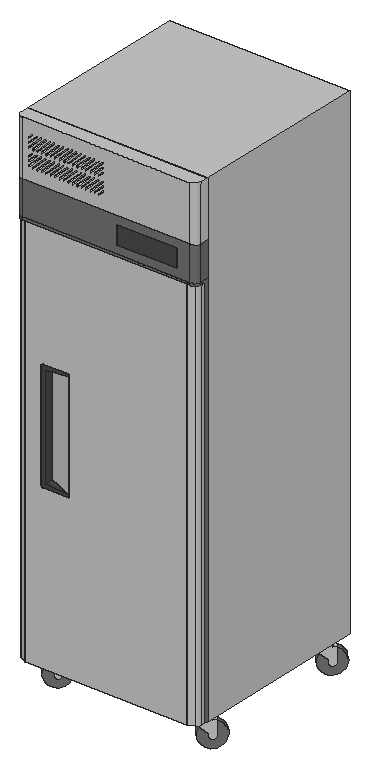
Revit family "QF_Turbo Air_M3F24-1a", category Specialty Equipment, Revit 2012
Parameters
  Width = 28 3/4"
  Weight in Pounds = 274
  Watermarked By = "http://revitwatermark.com"
  Volts = 115 V
  URL Cutsheet = ""
  URL = ""
  Status [instance] = ""
  Specification by User [instance] = ""
  Specification by Manufacturer [instance] = ""
  Serial Number [instance] = ""
  Right Hinge [instance] = not(Left Hinge)  # yes
  Revision Code [instance] = ""
  Phase = 1
  Number of Poles [instance] = 1
  NAFEM Spec ID Number [instance] = ""
  Model = "M3F24-1"
  Masterspec [instance] = ""
  Manufacturer = "Turbo Air"  # constant formula
  Legs [instance] = [6 Inch Legs]  # no
  Left Hinge [instance] = no
  Item Number [instance] = "-"
  Installed By [instance] = ""
  HP = "1/2"
  Furnished By [instance] = ""
  Foodservice Equipment Identifier = yes
  FL Amps = 7.8 A
  Electrical Remarks [instance] = ""
  Electric Connection Type [instance] = ""
  Elec Conn RI Height [instance] = 0"
  Elec Conn Connection Height = 77 7/8"
  Door Width = 26 7/8"
  Door Height = 63 1/4"
  Description = "Freezer, Reach-In"
  Depth = 30 3/4"
  Cycle = 60 Hz
  Conn Plug = "NEMA 5-15P"
  Casters [instance] = or([4 Inch Casters], [5 Inch Casters])  # yes
  CasterLeg Height [instance] = if([4 Inch Casters], 5", if([5 Inch Casters], 5 3/4", 6"))  # 5"
  Cabinet Height = 78"
  CSI MasterFormat = "11 41 13"
  Assembly Code = "E1090320"
  Apparent Power = if(Phase = 1, Volts * FL Amps * 1.73, Volts * FL Amps)  # 1551.81 VA
  6 Inch Legs [instance] = no
  5 Inch Casters [instance] = no
  4 Inch Casters [instance] = yes
Reference planes (in)
  plane 1 "BACK": y = 0
  plane 2 "BOTTOM": z = 0
  plane 3 "LEFT": x = -21.59155
  plane 4 "RIGHT": x = 7.15845
  plane 5 "FRONT": y = -30.75
  plane 6 "TOP": z = 83
  plane 7 "Bottom of Box": z = 5
  plane 8 "Back of Door": y = -28.5
  plane 9 "Bottom of Top Reach-In": z = 68.625
  plane 10: y = -0.25
  plane 11 "Top 2": z = 74.125
  plane 12: z = 68.25
  plane 13: y = -57.625
  plane 14: x = -16.84155
  plane 15: x = 2.40845
Forms (in)
  Extrusion 1, solid, material "QF_Finishes_Stainless Steel"
    sketch origin (0, 0, 0) x (1, 0, 0) y (0, 0, 1)
      loop
        circle (-17.71449, 70.8727) r 0.25
    from 0 to -0.25
  Extrusion 2, solid, material "QF_Finishes_Stainless Steel"
    sketch origin (0, 0, 0) x (1, 0, 0) y (0, 0, 1)
      loop
        line (-21.59155, 83) -> (-21.59155, 5) -> (7.15845, 5) -> (7.15845, 83) -> (-21.59155, 83)
      loop
        line (-19.59155, 7) -> (5.15845, 7) -> (5.15845, 81) -> (-19.59155, 81) -> (-19.59155, 7)
    from 0 to 28.5
  Extrusion 3, solid, material "QF_Finishes_Stainless Steel"
    sketch origin (0, 0, 0) x (1, 0, 0) y (0, 0, 1)
      loop
        line (-19.59155, 81) -> (-19.59155, 7) -> (5.15845, 7) -> (5.15845, 81) -> (-19.59155, 81)
    from 0 to 0.25
  Extrusion 4, solid, material "QF_Finishes_Stainless Steel"
    sketch origin (0, 0, 83) x (0, 1, 0) y (-1, 0, 0)
      loop
        line (-28.5, 21.59155) -> (-29.75, 21.59155)
        arc (-29.75, 21.59155) -> (-30.45711, 21.29865) -> (-30.75, 20.59155) r 1
        line (-30.75, 20.59155) -> (-30.75, -6.15845)
        arc (-30.75, -6.15845) -> (-30.45711, -6.86556) -> (-29.75, -7.15845) r 1
        line (-29.75, -7.15845) -> (-28.5, -7.15845) -> (-28.5, 21.59155)
    from 0 to -8.875
  Extrusion 5, solid, material "QF_Finishes_Grey"
    sketch origin (0, 0, 74.125) x (-1, 0, 0) y (0, -1, 0)
      loop
        line (21.59155, 28.5) -> (21.59155, 29.75)
        arc (21.59155, 29.75) -> (21.29865, 30.45711) -> (20.59155, 30.75) r 1
        line (20.59155, 30.75) -> (-6.15845, 30.75)
        arc (-6.15845, 30.75) -> (-6.86556, 30.45711) -> (-7.15845, 29.75) r 1
        line (-7.15845, 29.75) -> (-7.15845, 28.5) -> (21.59155, 28.5)
    from 0 to -5.5
  Extrusion 6, void
    sketch origin (0, -28.5, 0) x (1, 0, 0) y (0, 0, 1)
      loop
        line (-5.46655, 72.8125) -> (-5.46655, 69.9375) -> (4.03345, 69.9375) -> (4.03345, 72.8125) -> (-5.46655, 72.8125)
    from 0 to 2.25
  Extrusion 7, solid, material "QF_Finishes_Black"
    sketch origin (0, -28.5, 0) x (1, 0, 0) y (0, 0, 1)
      loop
        line (-5.46655, 72.8125) -> (-5.46655, 69.9375) -> (4.03345, 69.9375) -> (4.03345, 72.8125) -> (-5.46655, 72.8125)
    from 0 to 2.25
  Extrusion 8, void
    sketch origin (0, -28.5, 0) x (1, 0, 0) y (0, 0, 1)
      loop
        arc (-19.56048, 80.53107) -> (-19.55502, 80.35975) -> (-19.3837, 80.35429) r 0.12525
        line (-19.3837, 80.35429) -> (-18.94347, 80.79452)
        arc (-18.94347, 80.79452) -> (-18.95152, 80.96325) -> (-19.12025, 80.97129) r 0.12557
        line (-19.12025, 80.97129) -> (-19.56048, 80.53107)
      loop
        arc (-19.5641, 79.82034) -> (-19.55497, 79.65269) -> (-19.38733, 79.64356) r 0.12574
        line (-19.38733, 79.64356) -> (-18.24395, 80.78694)
        arc (-18.24395, 80.78694) -> (-18.24332, 80.9635) -> (-18.41988, 80.96456) r 0.125
        line (-18.41988, 80.96456) -> (-19.5641, 79.82034)
      loop
        arc (-19.56656, 79.11077) -> (-19.55579, 78.94476) -> (-19.38979, 78.93399) r 0.12606
        line (-19.38979, 78.93399) -> (-17.52426, 80.79952)
        arc (-17.52426, 80.79952) -> (-17.53336, 80.96719) -> (-17.70104, 80.97629) r 0.12574
        line (-17.70104, 80.97629) -> (-19.56656, 79.11077)
      loop
        arc (-18.96014, 79.01009) -> (-18.94768, 78.84576) -> (-18.78336, 78.83331) r 0.12644
        line (-18.78336, 78.83331) -> (-16.82198, 80.7947)
        arc (-16.82198, 80.7947) -> (-16.83187, 80.96158) -> (-16.99875, 80.97147) r 0.12588
        line (-16.99875, 80.97147) -> (-18.96014, 79.01009)
      loop
        arc (-18.25154, 79.01158) -> (-18.24759, 78.83875) -> (-18.07476, 78.83481) r 0.12513
        line (-18.07476, 78.83481) -> (-16.11561, 80.79395)
        arc (-16.11561, 80.79395) -> (-16.12836, 80.95798) -> (-16.29239, 80.97073) r 0.12652
        line (-16.29239, 80.97073) -> (-18.25154, 79.01158)
      loop
        arc (-17.54144, 79.01457) -> (-17.52997, 78.84927) -> (-17.36466, 78.83779) r 0.12621
        line (-17.36466, 78.83779) -> (-15.40203, 80.80043)
        arc (-15.40203, 80.80043) -> (-15.41616, 80.96308) -> (-15.57881, 80.97721) r 0.1269
        line (-15.57881, 80.97721) -> (-17.54144, 79.01457)
      loop
        arc (-16.83033, 79.01858) -> (-16.8182, 78.8418) -> (-16.64143, 78.85392) r 0.12529
        line (-16.64143, 78.85392) -> (-14.69617, 80.79919)
        arc (-14.69617, 80.79919) -> (-14.7091, 80.96303) -> (-14.87294, 80.97596) r 0.12657
        line (-14.87294, 80.97596) -> (-16.83033, 79.01858)
      loop
        arc (-16.12322, 79.01858) -> (-16.11737, 78.84766) -> (-15.94644, 78.8418) r 0.12529
        line (-15.94644, 78.8418) -> (-13.98906, 80.79919)
        arc (-13.98906, 80.79919) -> (-14.00199, 80.96303) -> (-14.16584, 80.97596) r 0.12657
        line (-14.16584, 80.97596) -> (-16.12322, 79.01858)
      loop
        arc (-15.41611, 79.01858) -> (-15.41026, 78.84766) -> (-15.23934, 78.8418) r 0.12529
        line (-15.23934, 78.8418) -> (-13.28195, 80.79919)
        arc (-13.28195, 80.79919) -> (-13.29489, 80.96303) -> (-13.45873, 80.97596) r 0.12657
        line (-13.45873, 80.97596) -> (-15.41611, 79.01858)
      loop
        arc (-14.70901, 79.01858) -> (-14.70315, 78.84766) -> (-14.53223, 78.8418) r 0.12529
        line (-14.53223, 78.8418) -> (-12.57484, 80.79919)
        arc (-12.57484, 80.79919) -> (-12.58778, 80.96303) -> (-12.75162, 80.97596) r 0.12657
        line (-12.75162, 80.97596) -> (-14.70901, 79.01858)
      loop
        arc (-14.0019, 79.01858) -> (-13.99605, 78.84766) -> (-13.82512, 78.8418) r 0.12529
        line (-13.82512, 78.8418) -> (-11.86774, 80.79919)
        arc (-11.86774, 80.79919) -> (-11.88067, 80.96303) -> (-12.04451, 80.97596) r 0.12657
        line (-12.04451, 80.97596) -> (-14.0019, 79.01858)
      loop
        arc (-13.29479, 79.01858) -> (-13.28894, 78.84766) -> (-13.11801, 78.8418) r 0.12529
        line (-13.11801, 78.8418) -> (-11.16063, 80.79919)
        arc (-11.16063, 80.79919) -> (-11.17357, 80.96303) -> (-11.33741, 80.97596) r 0.12657
        line (-11.33741, 80.97596) -> (-13.29479, 79.01858)
      loop
        arc (-12.58768, 79.01858) -> (-12.58183, 78.84766) -> (-12.41091, 78.8418) r 0.12529
        line (-12.41091, 78.8418) -> (-10.45352, 80.79919)
        arc (-10.45352, 80.79919) -> (-10.46646, 80.96303) -> (-10.6303, 80.97596) r 0.12657
        line (-10.6303, 80.97596) -> (-12.58768, 79.01858)
      loop
        arc (-11.88058, 79.01858) -> (-11.87472, 78.84766) -> (-11.7038, 78.8418) r 0.12529
        line (-11.7038, 78.8418) -> (-9.74642, 80.79919)
        arc (-9.74642, 80.79919) -> (-9.75935, 80.96303) -> (-9.92319, 80.97596) r 0.12657
        line (-9.92319, 80.97596) -> (-11.88058, 79.01858)
      loop
        arc (-11.17347, 79.01858) -> (-11.16762, 78.84766) -> (-10.99669, 78.8418) r 0.12529
        line (-10.99669, 78.8418) -> (-9.03931, 80.79919)
        arc (-9.03931, 80.79919) -> (-9.05225, 80.96303) -> (-9.21609, 80.97596) r 0.12657
        line (-9.21609, 80.97596) -> (-11.17347, 79.01858)
      loop
        arc (-10.46636, 79.01858) -> (-10.46051, 78.84766) -> (-10.28959, 78.8418) r 0.12529
        line (-10.28959, 78.8418) -> (-8.3322, 80.79919)
        arc (-8.3322, 80.79919) -> (-8.34514, 80.96303) -> (-8.50898, 80.97596) r 0.12657
        line (-8.50898, 80.97596) -> (-10.46636, 79.01858)
      loop
        arc (-9.75926, 79.01858) -> (-9.7534, 78.84766) -> (-9.58248, 78.8418) r 0.12529
        line (-9.58248, 78.8418) -> (-7.6251, 80.79919)
        arc (-7.6251, 80.79919) -> (-7.63803, 80.96303) -> (-7.80187, 80.97596) r 0.12657
        line (-7.80187, 80.97596) -> (-9.75926, 79.01858)
      loop
        arc (-9.05574, 79.01499) -> (-9.04529, 78.84867) -> (-8.87896, 78.83822) r 0.12599
        line (-8.87896, 78.83822) -> (-7.61765, 80.09953)
        arc (-7.61765, 80.09953) -> (-7.62642, 80.26754) -> (-7.79442, 80.27631) r 0.12568
        line (-7.79442, 80.27631) -> (-9.05574, 79.01499)
      loop
        arc (-8.34863, 79.01499) -> (-8.33818, 78.84867) -> (-8.17185, 78.83822) r 0.12599
        line (-8.17185, 78.83822) -> (-7.61765, 79.39242)
        arc (-7.61765, 79.39242) -> (-7.62642, 79.56043) -> (-7.79442, 79.5692) r 0.12568
        line (-7.79442, 79.5692) -> (-8.34863, 79.01499)
      loop
        arc (-19.56048, 77.84357) -> (-19.55502, 77.67225) -> (-19.3837, 77.66679) r 0.12525
        line (-19.3837, 77.66679) -> (-18.94347, 78.10702)
        arc (-18.94347, 78.10702) -> (-18.95152, 78.27575) -> (-19.12025, 78.28379) r 0.12557
        line (-19.12025, 78.28379) -> (-19.56048, 77.84357)
      loop
        arc (-19.5641, 77.13284) -> (-19.55497, 76.96519) -> (-19.38733, 76.95606) r 0.12574
        line (-19.38733, 76.95606) -> (-18.24395, 78.09944)
        arc (-18.24395, 78.09944) -> (-18.24332, 78.276) -> (-18.41988, 78.27706) r 0.125
        line (-18.41988, 78.27706) -> (-19.5641, 77.13284)
      loop
        arc (-19.56656, 76.42327) -> (-19.55579, 76.25726) -> (-19.38979, 76.24649) r 0.12606
        line (-19.38979, 76.24649) -> (-17.52426, 78.11202)
        arc (-17.52426, 78.11202) -> (-17.53336, 78.27969) -> (-17.70104, 78.28879) r 0.12574
        line (-17.70104, 78.28879) -> (-19.56656, 76.42327)
      loop
        arc (-18.96014, 76.32259) -> (-18.94768, 76.15826) -> (-18.78336, 76.14581) r 0.12644
        line (-18.78336, 76.14581) -> (-16.82198, 78.1072)
        arc (-16.82198, 78.1072) -> (-16.83187, 78.27408) -> (-16.99875, 78.28397) r 0.12588
        line (-16.99875, 78.28397) -> (-18.96014, 76.32259)
      loop
        arc (-18.25154, 76.32408) -> (-18.24759, 76.15125) -> (-18.07476, 76.14731) r 0.12513
        line (-18.07476, 76.14731) -> (-16.11561, 78.10645)
        arc (-16.11561, 78.10645) -> (-16.12836, 78.27048) -> (-16.29239, 78.28323) r 0.12652
        line (-16.29239, 78.28323) -> (-18.25154, 76.32408)
      loop
        arc (-17.54144, 76.32707) -> (-17.52997, 76.16177) -> (-17.36466, 76.15029) r 0.12621
        line (-17.36466, 76.15029) -> (-15.40203, 78.11293)
        arc (-15.40203, 78.11293) -> (-15.41616, 78.27558) -> (-15.57881, 78.28971) r 0.1269
        line (-15.57881, 78.28971) -> (-17.54144, 76.32707)
      loop
        arc (-16.83033, 76.33108) -> (-16.8182, 76.1543) -> (-16.64143, 76.16642) r 0.12529
        line (-16.64143, 76.16642) -> (-14.69617, 78.11169)
        arc (-14.69617, 78.11169) -> (-14.7091, 78.27553) -> (-14.87294, 78.28846) r 0.12657
        line (-14.87294, 78.28846) -> (-16.83033, 76.33108)
      loop
        arc (-16.12322, 76.33108) -> (-16.11737, 76.16016) -> (-15.94644, 76.1543) r 0.12529
        line (-15.94644, 76.1543) -> (-13.98906, 78.11169)
        arc (-13.98906, 78.11169) -> (-14.00199, 78.27553) -> (-14.16584, 78.28846) r 0.12657
        line (-14.16584, 78.28846) -> (-16.12322, 76.33108)
      loop
        arc (-15.41611, 76.33108) -> (-15.41026, 76.16016) -> (-15.23934, 76.1543) r 0.12529
        line (-15.23934, 76.1543) -> (-13.28195, 78.11169)
        arc (-13.28195, 78.11169) -> (-13.29489, 78.27553) -> (-13.45873, 78.28846) r 0.12657
        line (-13.45873, 78.28846) -> (-15.41611, 76.33108)
      loop
        arc (-14.70901, 76.33108) -> (-14.70315, 76.16016) -> (-14.53223, 76.1543) r 0.12529
        line (-14.53223, 76.1543) -> (-12.57484, 78.11169)
        arc (-12.57484, 78.11169) -> (-12.58778, 78.27553) -> (-12.75162, 78.28846) r 0.12657
        line (-12.75162, 78.28846) -> (-14.70901, 76.33108)
      loop
        arc (-14.0019, 76.33108) -> (-13.99605, 76.16016) -> (-13.82512, 76.1543) r 0.12529
        line (-13.82512, 76.1543) -> (-11.86774, 78.11169)
        arc (-11.86774, 78.11169) -> (-11.88067, 78.27553) -> (-12.04451, 78.28846) r 0.12657
        line (-12.04451, 78.28846) -> (-14.0019, 76.33108)
      loop
        arc (-13.29479, 76.33108) -> (-13.28894, 76.16016) -> (-13.11801, 76.1543) r 0.12529
        line (-13.11801, 76.1543) -> (-11.16063, 78.11169)
        arc (-11.16063, 78.11169) -> (-11.17357, 78.27553) -> (-11.33741, 78.28846) r 0.12657
        line (-11.33741, 78.28846) -> (-13.29479, 76.33108)
      loop
        arc (-12.58768, 76.33108) -> (-12.58183, 76.16016) -> (-12.41091, 76.1543) r 0.12529
        line (-12.41091, 76.1543) -> (-10.45352, 78.11169)
        arc (-10.45352, 78.11169) -> (-10.46646, 78.27553) -> (-10.6303, 78.28846) r 0.12657
        line (-10.6303, 78.28846) -> (-12.58768, 76.33108)
      loop
        arc (-11.88058, 76.33108) -> (-11.87472, 76.16016) -> (-11.7038, 76.1543) r 0.12529
        line (-11.7038, 76.1543) -> (-9.74642, 78.11169)
        arc (-9.74642, 78.11169) -> (-9.75935, 78.27553) -> (-9.92319, 78.28846) r 0.12657
        line (-9.92319, 78.28846) -> (-11.88058, 76.33108)
      loop
        arc (-11.17347, 76.33108) -> (-11.16762, 76.16016) -> (-10.99669, 76.1543) r 0.12529
        line (-10.99669, 76.1543) -> (-9.03931, 78.11169)
        arc (-9.03931, 78.11169) -> (-9.05225, 78.27553) -> (-9.21609, 78.28846) r 0.12657
        line (-9.21609, 78.28846) -> (-11.17347, 76.33108)
      loop
        arc (-10.46636, 76.33108) -> (-10.46051, 76.16016) -> (-10.28959, 76.1543) r 0.12529
        line (-10.28959, 76.1543) -> (-8.3322, 78.11169)
        arc (-8.3322, 78.11169) -> (-8.34514, 78.27553) -> (-8.50898, 78.28846) r 0.12657
        line (-8.50898, 78.28846) -> (-10.46636, 76.33108)
      loop
        arc (-9.75926, 76.33108) -> (-9.7534, 76.16016) -> (-9.58248, 76.1543) r 0.12529
        line (-9.58248, 76.1543) -> (-7.6251, 78.11169)
        arc (-7.6251, 78.11169) -> (-7.63803, 78.27553) -> (-7.80187, 78.28846) r 0.12657
        line (-7.80187, 78.28846) -> (-9.75926, 76.33108)
      loop
        arc (-9.05574, 76.32749) -> (-9.04529, 76.16117) -> (-8.87896, 76.15072) r 0.12599
        line (-8.87896, 76.15072) -> (-7.61765, 77.41203)
        arc (-7.61765, 77.41203) -> (-7.62642, 77.58004) -> (-7.79442, 77.58881) r 0.12568
        line (-7.79442, 77.58881) -> (-9.05574, 76.32749)
      loop
        arc (-8.34863, 76.32749) -> (-8.33818, 76.16117) -> (-8.17185, 76.15072) r 0.12599
        line (-8.17185, 76.15072) -> (-7.61765, 76.70492)
        arc (-7.61765, 76.70492) -> (-7.62642, 76.87293) -> (-7.79442, 76.8817) r 0.12568
        line (-7.79442, 76.8817) -> (-8.34863, 76.32749)
    from 0 to 2.25
  Extrusion 9, solid, material "QF_Finishes_Rubber Black"
    sketch origin (0, -28.5, 0) x (1, 0, 0) y (0, 0, 1)
      loop
        line (-21.59155, 68.25) -> (-21.59155, 5) -> (7.15845, 5) -> (7.15845, 68.25) -> (-21.59155, 68.25)
    from 0 to 0.4375
  Extrusion 10, solid, material "QF_Finishes_Rubber Black"
    sketch origin (0, 0, 68.625) x (0, 1, 0) y (-1, 0, 0)
      loop
        line (-28.5, 21.59155) -> (-29.75, 21.59155)
        arc (-29.75, 21.59155) -> (-30.45711, 21.29865) -> (-30.75, 20.59155) r 1
        line (-30.75, 20.59155) -> (-30.75, -6.15845)
        arc (-30.75, -6.15845) -> (-30.45711, -6.86556) -> (-29.75, -7.15845) r 1
        line (-29.75, -7.15845) -> (-28.5, -7.15845) -> (-28.5, 21.59155)
    from 0 to -0.375
  Extrusion 11, solid, material "QF_Finishes_Polished Steel"
    sketch origin (-19.84155, -0.75, 0) x (0, 1, 0) y (0, 0, 1)
      loop
        line (0.75, 69.98017) -> (0.75, 53.73017) -> (2.75, 55.48017) -> (2.75, 68.23017) -> (0.75, 69.98017)
    from 3 to 22.25
Cuts and joins
  joined: Extrusion 2, Extrusion 3
  Extrusion 6 cuts Extrusion 5
  Extrusion 8 cuts Extrusion 4
  joined: Extrusion 9, Extrusion 10
Lines and regions (in)
  symbolic lines
    curve 1: line (7.15845, 0, 6.25) -> (-21.59155, 0, 6.25)
    curve 2: line (-21.59155, 0, 6.25) -> (-21.59155, -28.5, 6.25)
    curve 3: line (7.15845, -28.5, 6.25) -> (7.15845, 0, 6.25)
    curve 4: line (7.15845, -29.75, 6.25) -> (7.15845, -28.5, 6.25)
    curve 5: arc (7.15845, -29.75, 6.25) -> (6.86556, -30.45711, 6.25) -> (6.15845, -30.75, 6.25) r 1
    curve 6: line (-20.59155, -30.75, 6.25) -> (6.15845, -30.75, 6.25)
    curve 7: arc (-20.59155, -30.75, 6.25) -> (-21.29865, -30.45711, 6.25) -> (-21.59155, -29.75, 6.25) r 1
    curve 8: line (-21.59155, -28.5, 6.25) -> (-21.59155, -29.75, 6.25)
    curve 15: line (-16.84155, 0, 62.75) -> (-16.84155, 2, 62.75)
    curve 16: line (-16.84155, 2, 62.75) -> (2.40845, 2, 62.75)
    curve 17: line (2.40845, 2, 62.75) -> (2.40845, 0, 62.75)
  symbolic lines, style "QF_Surface Details"
    curve 9: line (-21.59155, -28.5, 6.25) -> (7.15845, -28.5, 6.25)
  symbolic lines, style "QF_Clearances", visible <- "Right Hinge", detail levels coarse
    curve 10: line (7.15845, -30.75, 68.625) -> (7.15845, -57.625, 68.625)
    curve 12: arc (7.15845, -57.625, 68.625) -> (-12.10228, -49.4141, 68.625) -> (-21.59155, -30.75, 68.625) r 30.63743
  symbolic lines, style "QF_Clearances", detail levels medium+fine
    curve 11: line (7.15845, -30.75, 68.625) -> (-21.59155, -30.75, 68.625)
  symbolic lines, style "QF_Clearances", visible <- "Left Hinge", detail levels coarse
    curve 13: line (-21.59155, -30.75, 68.625) -> (-21.59155, -57.625, 68.625)
    curve 14: arc (-21.59155, -57.625, 68.625) -> (-2.33081, -49.4141, 68.625) -> (7.15845, -30.75, 68.625) r 30.63743
Dimensions and locks (in)
  "Width": plane 4 "RIGHT" to plane 3 "LEFT"
  "Depth": plane 5 "FRONT" to plane 1 "BACK"
  "CasterLeg Height": plane 7 "Bottom of Box" to level
  locked: plane 3 "LEFT" to nested 1 at 2
  locked: nested 1 to plane 1 "BACK" at 3
  locked: nested 2 to plane 4 "RIGHT" at 2
  locked: nested 2 to plane 1 "BACK" at 3
  locked: plane 3 "LEFT" to nested 3 at 2
  locked: nested 4 to plane 4 "RIGHT" at 2
  "Cabinet Height": plane 6 "TOP" to plane 7 "Bottom of Box"
  locked: Extrusion 2 sketch curve to Extrusion 2 sketch curve at 2  (x4)
  locked: plane 5 "FRONT" to nested 3 at 3.75
  locked: plane 5 "FRONT" to nested 4 at 3.75
  locked: Extrusion 6 sketch curve to plane 4 "RIGHT" at 3.125
  locked: Extrusion 6 sketch curve to Extrusion 6 sketch curve at 9.5
  locked: Extrusion 7 sketch curve to plane 4 "RIGHT" at 3.125
  locked: Extrusion 7 sketch curve to Extrusion 7 sketch curve at 9.5
  locked: plane 11 "Top 2" to Extrusion 7 sketch curve at 1.3125
  locked: Extrusion 7 sketch curve to plane 9 "Bottom of Top Reach-In" at 1.3125
  locked: plane 11 "Top 2" to Extrusion 6 sketch curve at 1.3125
  locked: Extrusion 6 sketch curve to plane 9 "Bottom of Top Reach-In" at 1.3125
  locked: plane 6 "TOP" to plane 11 "Top 2" at 8.875
  locked: plane 9 "Bottom of Top Reach-In" to plane 12 at 0.375
  "Door Height": plane 12 to plane 7 "Bottom of Box"
  "Door Width": plane 13 to plane 5 "FRONT"
  locked: plane 5 "FRONT" to plane 8 "Back of Door" at 2.25
  locked: plane 10 to plane 1 "BACK" at 0.25
  locked: plane 3 "LEFT" to plane 14 at 4.75
  locked: plane 15 to plane 4 "RIGHT" at 4.75
  aligned and locked: level to plane 2 "BOTTOM"
  aligned and locked: Extrusion 2 sketch curve to plane 4 "RIGHT"
  aligned and locked: plane 10 to Extrusion 3
  aligned and locked: plane 8 "Back of Door" to Extrusion 2
  aligned and locked: Extrusion 3 sketch curve to Extrusion 2  (x2)
  aligned and locked: Extrusion 2 to Extrusion 3 sketch curve
  aligned and locked: Extrusion 4 sketch curve to curve 9
  aligned and locked: Extrusion 4 sketch curve to curve 2
  aligned and locked: Extrusion 4 sketch curve to plane 5 "FRONT"
  aligned and locked: Extrusion 4 sketch curve to plane 4 "RIGHT"
  aligned and locked: Extrusion 5 sketch curve to curve 9
  aligned and locked: Extrusion 5 sketch curve to curve 2
  aligned and locked: Extrusion 5 sketch curve to plane 5 "FRONT"
  aligned and locked: Extrusion 5 sketch curve to plane 4 "RIGHT"
  aligned and locked: Extrusion 5 to plane 9 "Bottom of Top Reach-In"
  aligned and locked: plane 5 "FRONT" to Extrusion 6
  aligned and locked: plane 5 "FRONT" to Extrusion 7
  aligned and locked: plane 7 "Bottom of Box" to Extrusion 2 sketch curve
  aligned and locked: Extrusion 3 sketch curve to cut or joined group of Extrusion 2, Extrusion 3
  aligned and locked: Extrusion 4 to plane 11 "Top 2"
  aligned and locked: plane 5 "FRONT" to Extrusion 8
  aligned and locked: nested 5 to plane 7 "Bottom of Box"
  aligned and locked: Extrusion 9 sketch curve to nested 5
  aligned and locked: Extrusion 9 sketch curve to cut or joined group of Extrusion 2, Extrusion 3
  aligned and locked: Extrusion 9 sketch curve to plane 12
  aligned and locked: Extrusion 10 sketch curve to curve 9
  aligned and locked: Extrusion 10 sketch curve to curve 2
  aligned and locked: Extrusion 10 sketch curve to nested 5  (x2)
  aligned and locked: Extrusion 10 to plane 12
  aligned and locked: plane 5 "FRONT" to nested 5  (x2)
  aligned and locked: Extrusion 9 to nested 5
  aligned and locked: curve 10 to plane 4 "RIGHT"
  aligned and locked: plane 7 "Bottom of Box" to nested 6
  aligned and locked: nested 6 to plane 12
  aligned and locked: plane 4 "RIGHT" to nested 6
  aligned and locked: plane 3 "LEFT" to nested 5
  aligned and locked: plane 13 to curve 14
  aligned and locked: plane 13 to curve 12
Automatic sketch dimensions
  Extrusion 2 sketch curve to plane 3 "LEFT" = 0"
  Extrusion 2 sketch curve to plane 6 "TOP" = 0"
  plane 5 "FRONT" to curve 7 = 0"
  curve 8 to plane 3 "LEFT" = 0"
  curve 4 to plane 4 "RIGHT" = 0"
  plane 8 "Back of Door" to curve 8 = 0"
  plane 1 "BACK" to curve 2 = 0"
  plane 3 "LEFT" to curve 7 = 1"
  curve 4 to plane 5 "FRONT" = 1"
  plane 3 "LEFT" to Extrusion 1 sketch curve = 3.87706"
  plane 9 "Bottom of Top Reach-In" to Extrusion 1 sketch curve = 2.2477"
  Extrusion 4 sketch curve to plane 5 "FRONT" = 1"  (x2)
  Extrusion 5 sketch curve to plane 4 "RIGHT" = 1"
  plane 3 "LEFT" to Extrusion 5 sketch curve = 1"
  plane 3 "LEFT" to Extrusion 8 sketch curve = 2.02498"  (x2)
  Extrusion 8 sketch curve to Extrusion 8 sketch curve = 0.00246"  (x2)
  Extrusion 8 sketch curve to Extrusion 8 sketch curve = 0.00362"  (x2)
  Extrusion 8 sketch curve to Extrusion 8 sketch curve = 0.0999"  (x4)
  Extrusion 8 sketch curve to Extrusion 8 sketch curve = 0.09403"  (x4)
  Extrusion 8 sketch curve to Extrusion 8 sketch curve = 0.09804"  (x4)
  Extrusion 8 sketch curve to Extrusion 8 sketch curve = 0.07687"  (x2)
  Extrusion 8 sketch curve to Extrusion 8 sketch curve = 0.07873"  (x2)
  Extrusion 8 sketch curve to Extrusion 8 sketch curve = 0.08275"  (x2)
  Extrusion 8 sketch curve to Extrusion 8 sketch curve = 0.44023"  (x4)
  Extrusion 8 sketch curve to Extrusion 8 sketch curve = 0.07994"  (x4)
  Extrusion 8 sketch curve to Extrusion 8 sketch curve = 0.42965"  (x2)
  Extrusion 8 sketch curve to Extrusion 8 sketch curve = 0.09684"  (x2)
  Extrusion 8 sketch curve to Extrusion 8 sketch curve = 0.10186"  (x4)
  Extrusion 8 sketch curve to Extrusion 8 sketch curve = 0.07491"  (x2)
  Extrusion 8 sketch curve to Extrusion 8 sketch curve = 0.5236"  (x2)
  Extrusion 8 sketch curve to Extrusion 8 sketch curve = 0.08775"  (x2)
  Extrusion 8 sketch curve to Extrusion 8 sketch curve = 0.53182"  (x2)
  Extrusion 8 sketch curve to Extrusion 8 sketch curve = 0.08818"  (x2)
  Extrusion 8 sketch curve to Extrusion 8 sketch curve = 0.09243"  (x4)
  plane 11 "Top 2" to Extrusion 8 sketch curve = 2.02231"
  Extrusion 8 sketch curve to Extrusion 8 sketch curve = 0.08435"  (x2)
  Extrusion 8 sketch curve to Extrusion 8 sketch curve = 0.54291"  (x2)
  Extrusion 8 sketch curve to Extrusion 8 sketch curve = 0.07876"  (x4)
  Extrusion 8 sketch curve to Extrusion 8 sketch curve = 0.53332"  (x2)
  Extrusion 8 sketch curve to Extrusion 8 sketch curve = 0.09801"  (x2)
  Extrusion 8 sketch curve to plane 6 "TOP" = 2.20048"
  Extrusion 8 sketch curve to Extrusion 8 sketch curve = 0.10072"  (x4)
  plane 11 "Top 2" to Extrusion 8 sketch curve = 2.02529"
  Extrusion 8 sketch curve to Extrusion 8 sketch curve = 0.07606"  (x2)
  Extrusion 8 sketch curve to Extrusion 8 sketch curve = 0.52551"  (x2)
  Extrusion 8 sketch curve to Extrusion 8 sketch curve = 0.07787"  (x4)
  Extrusion 8 sketch curve to Extrusion 8 sketch curve = 0.53434"  (x2)
  plane 11 "Top 2" to Extrusion 8 sketch curve = 2.20608"  (x5)
  Extrusion 8 sketch curve to Extrusion 8 sketch curve = 0.09891"  (x2)
  Extrusion 8 sketch curve to Extrusion 8 sketch curve = 0.09445"  (x36)
  plane 11 "Top 2" to Extrusion 8 sketch curve = 2.04142"
  Extrusion 8 sketch curve to Extrusion 8 sketch curve = 0.52958"  (x2)
  Extrusion 8 sketch curve to plane 6 "TOP" = 2.02927"
  Extrusion 8 sketch curve to Extrusion 8 sketch curve = 0.07457"  (x3)
  Extrusion 8 sketch curve to Extrusion 8 sketch curve = 0.51821"  (x2)
  Extrusion 8 sketch curve to plane 6 "TOP" = 2.20605"
  Extrusion 8 sketch curve to Extrusion 8 sketch curve = 0.10221"  (x2)
  plane 11 "Top 2" to Extrusion 8 sketch curve = 2.0293"  (x6)
  Extrusion 8 sketch curve to Extrusion 8 sketch curve = 0.08233"  (x21)
  Extrusion 8 sketch curve to Extrusion 8 sketch curve = 0.53681"  (x2)
  Extrusion 8 sketch curve to plane 6 "TOP" = 2.02279"
  Extrusion 8 sketch curve to Extrusion 8 sketch curve = 0.07291"  (x3)
  Extrusion 8 sketch curve to Extrusion 8 sketch curve = 0.53033"  (x40)
  Extrusion 8 sketch curve to Extrusion 8 sketch curve = 0.10386"  (x2)
  plane 11 "Top 2" to Extrusion 8 sketch curve = 3.98793"
  Extrusion 8 sketch curve to plane 6 "TOP" = 4.1582"  (x7)
  Extrusion 8 sketch curve to Extrusion 8 sketch curve = 0.52909"  (x2)
  Extrusion 8 sketch curve to Extrusion 8 sketch curve = 0.07434"  (x38)
  Extrusion 8 sketch curve to plane 6 "TOP" = 2.20081"  (x6)
  Extrusion 8 sketch curve to Extrusion 8 sketch curve = 0.10243"  (x22)
  Extrusion 8 sketch curve to plane 6 "TOP" = 2.02404"  (x4)
  Extrusion 8 sketch curve to plane 6 "TOP" = 3.98142"  (x4)
  plane 11 "Top 2" to Extrusion 8 sketch curve = 3.98669"  (x5)
  plane 11 "Top 2" to Extrusion 8 sketch curve = 4.16346"  (x2)
  Extrusion 8 sketch curve to plane 6 "TOP" = 3.98501"  (x2)
  Extrusion 8 sketch curve to Extrusion 8 sketch curve = 0.52674"  (x2)
  plane 11 "Top 2" to Extrusion 8 sketch curve = 2.20249"  (x2)
  Extrusion 8 sketch curve to Extrusion 8 sketch curve = 0.09954"  (x4)
  Extrusion 8 sketch curve to Extrusion 8 sketch curve = 0.07724"  (x4)
  Extrusion 8 sketch curve to Extrusion 8 sketch curve = 0.00745"  (x2)
  plane 11 "Top 2" to Extrusion 8 sketch curve = 3.46381"
  Extrusion 8 sketch curve to Extrusion 8 sketch curve = 0"  (x9)
  Extrusion 8 sketch curve to Extrusion 8 sketch curve = 0.07914"  (x7)
  Extrusion 8 sketch curve to Extrusion 8 sketch curve = 25/256"  (x4)
  plane 11 "Top 2" to Extrusion 8 sketch curve = 3.28703"
  plane 11 "Top 2" to Extrusion 8 sketch curve = 2.57992"
  Extrusion 8 sketch curve to plane 6 "TOP" = 2.90047"
  Extrusion 8 sketch curve to Extrusion 8 sketch curve = 0.00149"
  Extrusion 8 sketch curve to Extrusion 8 sketch curve = 0.17678"  (x13)
  Extrusion 8 sketch curve to Extrusion 8 sketch curve = 0.10068"  (x2)
  Extrusion 8 sketch curve to Extrusion 8 sketch curve = 0.53279"  (x2)
  Extrusion 8 sketch curve to Extrusion 8 sketch curve = 0.53395"  (x2)
  Extrusion 8 sketch curve to Extrusion 8 sketch curve = 0.43265"
  Extrusion 8 sketch curve to Extrusion 8 sketch curve = 0.00648"
  Extrusion 8 sketch curve to Extrusion 8 sketch curve = 0.00075"
  Extrusion 8 sketch curve to Extrusion 8 sketch curve = 0.52288"
  Extrusion 8 sketch curve to Extrusion 8 sketch curve = 0.00124"
  Extrusion 8 sketch curve to Extrusion 8 sketch curve = 0.00482"
  Extrusion 8 sketch curve to Extrusion 8 sketch curve = 0.0886"  (x2)
  Extrusion 8 sketch curve to Extrusion 8 sketch curve = 0.54952"
  Extrusion 8 sketch curve to Extrusion 8 sketch curve = 0.55775"
  Extrusion 8 sketch curve to Extrusion 8 sketch curve = 0.549"
  Extrusion 8 sketch curve to Extrusion 8 sketch curve = 143/256"
  Extrusion 8 sketch curve to Extrusion 8 sketch curve = 0.5707"
  Extrusion 8 sketch curve to Extrusion 8 sketch curve = 0.70711"
  Extrusion 8 sketch curve to Extrusion 8 sketch curve = 0.01258"
  Extrusion 8 sketch curve to Extrusion 8 sketch curve = 0.17603"
  Extrusion 9 sketch curve to plane 7 "Bottom of Box" = 0"
  Extrusion 10 sketch curve to plane 5 "FRONT" = 1"  (x2)
  curve 14 to plane 3 "LEFT" = 0"
  plane 5 "FRONT" to curve 11 = 0"
  curve 12 to plane 8 "Back of Door" = 1.46737"
  curve 14 to plane 8 "Back of Door" = 1.46737"
  plane 1 "BACK" to curve 17 = 0"
  plane 1 "BACK" to curve 15 = 0"
  curve 16 to plane 15 = 0"
  curve 16 to plane 14 = 0"
  curve 16 to plane 1 "BACK" = 2"
  Extrusion 11 sketch curve to plane 1 "BACK" = 0"
  Extrusion 11 sketch curve to plane 1 "BACK" = 2"
  Extrusion 11 sketch curve to plane 12 = 14.51983"
  Extrusion 11 sketch curve to Extrusion 11 sketch curve = 1 3/4"
  Extrusion 11 sketch curve to plane 12 = 0.01983"
  plane 9 "Bottom of Top Reach-In" to Extrusion 11 sketch curve = 1.35517"
  radius of Extrusion 1 sketch curve = 1/4"
Nested families (in)
  nested 1: "FESCasterLeg" at (-19.59155, -3, 0), Height <- "CasterLeg Height", Legs <- "Legs", Casters <- "Casters", type "FESCasterLeg"
    with Legs no, Height 5", Casters yes, Caster Radius 2"
  nested 2: "FESCasterLeg" at (5.15845, -3, 0), Height <- "CasterLeg Height", Legs <- "Legs", Casters <- "Casters", type "FESCasterLeg"
    with Legs no, Height 5", Casters yes, Caster Radius 2"
  nested 3: "FESCasterLeg" at (-19.59155, -27, 0), Height <- "CasterLeg Height", Legs <- "Legs", Casters <- "Casters", type "FESCasterLeg"
    with Legs no, Height 5", Casters yes, Caster Radius 2"
  nested 4: "FESCasterLeg" at (5.15845, -27, 0), Height <- "CasterLeg Height", Legs <- "Legs", Casters <- "Casters", type "FESCasterLeg"
    with Legs no, Height 5", Casters yes, Caster Radius 2"
  nested 5: "QF_Turbo Air_RI_M3-Door" at (-6.41488, -28.9375, 5), Width <- "Width", Height <- "Door Height", visible <- "Right Hinge", type "QF_Turbo Air_RI_M3-Door"
    with Width 28 3/4", Symbolic Lines yes, Height 63 1/4", Handle Height 17 11/16", Handle Center Height 34 13/16", Depth 1 13/16"
  nested 6: "QF_Turbo Air_RI_M3-Door" at (-8.01821, -28.95729, 5) x (-1, 0, 0) z (0, 0, 1), Width <- "Width", Height <- "Door Height", visible <- "Left Hinge", type "QF_Turbo Air_RI_M3-Door"
    with Width 28 3/4", Symbolic Lines yes, Height 63 1/4", Handle Height 17 11/16", Handle Center Height 34 13/16", Depth 1 13/16"
Connectors (in)
  electrical at (-17.71449, 0.25, 70.8727), driven by "Number of Poles", driven by "Volts", driven by "Apparent Power"
    settings: on Extrusion 1, index 1, voltage 115 V, apparent load 1551.81 VA, apparent load phase1 0 VA, apparent load phase2 0 VA, apparent load phase3 0 VA, power factor 1, load classification "Other", number of poles 1, system type 30, power factor state 1, is connector primary yes, connector utility no, sub classification motor no, connector description "ELECTRIC"
Definition of nested family "FESCasterLeg"
  Parameters (values of type "FESCasterLeg")
    Watermarked By = "http://revitwatermark.com"
    Type Comments = "⍁⍉⌁⌀⏭⎽⌇⍠⌜⍉⎖⌥⌦⌯⍭⏊⍻⍿⍊⏵⍊⏗⏠⍴⎡⌈⎀⍠⌓⌤⏘⎐⍀⌐⏬⏁⎈⏍⏦⎒⏬⌝⍩⍇⌣〈⎫〉⎁⏊⍥⍖⍥⍝⍦⌖⍀⏌⏭⎝⎼⏷⏞⍻⏯⎽⏷⏞⍻⏯⎽⏷⎺⌻⎝⍎⌧⏷⏟⏿⌿⍜⍦⍤⌁⍬⏶⏎⍊⏚⏉⎞⌡⎀⎪⏈⌟⌿⍾⍼⌟⌿⌢⌞⏜⏝⎽⍷⍷⍯⍧⍷⌯⍽⏸⏨⏾⏎⌣⏺⍹⏼⏅⎏⌽⎫⎪⍙⎓⏗⎗⏅⌴⍏⍏⍿⏑⎺⍘⌭⏲⍥⎛⎾⎾⍞⍌⎪⎲⌙⎥⏏⎟⎟⏼⏘⎏⎝⏧⏍⏁⍏⍧⏯⏾⌟"
    Legs [instance] = yes
    Height [instance] = 6"
    Caster Radius [instance] = if(Height < 3", 1", (Height / 2) - 1/2")  # 2 1/2"
    Casters [instance] = yes
    Assembly Code = ""
  Reference planes (in)
    plane 1 "Center (Front/Back)": y = 0
    plane 2: z = 0
    plane 3 "Center (Left/Right)": x = 0
    plane 4: z = 6
    plane 5: z = 5.5
  Forms (in)
    Extrusion 1, solid, material "QF_Finishes_Stainless Steel", visible <- "Casters"
      sketch origin (-24.12131, -22.88887, 10.18833) x (0.707107, 0.707107, 0) y (0, 0, 1)
        loop
          line (34.98772, -7.68833) -> (34.98772, -4.93833) -> (34.48772, -4.93833) -> (34.39402, -4.68833) -> (32.39402, -4.68833) -> (32.39402, -5.43833) -> (33.98772, -7.34206) -> (33.98772, -7.68833)
          arc (33.98772, -7.68833) -> (34.48772, -8.18833) -> (34.98772, -7.68833) r 0.5
      from 0 to 1.75
    Extrusion 2, solid, material "QF_Finishes_Rubber Black", visible <- "Casters"
      sketch origin (-24.32327, -23.09083, 13.31461) x (0.707107, 0.707107, 0) y (0, 0, 1)
        loop
          circle (34.77334, -10.81461) r 2.5
      from 0.375 to 1.375
    Extrusion 3, solid, material "QF_Finishes_Stainless Steel", visible <- "Casters"
      sketch origin (-7.24148, -8.48391, 0) x (0.707107, 0.707107, 0) y (0, 0, 1)
        loop
          line (10.61603, 5.5) -> (11.61603, 5.5) -> (11.61603, 6) -> (10.61603, 6) -> (10.61603, 5.5)
      from 0 to -1.75
    Blend 4, solid, material "QF_Finishes_Stainless Steel", visible <- "Legs"
      base sketch origin (0, 0, 0) x (1, 0, 0) y (0, 1, 0)
        loop
          circle (0, 0) r 0.5
      top sketch origin (0, 0, 0) x (1, 0, 0) y (0, 1, 0)
        loop
          circle (0, 0) r 1
      from 0 to 6 <- "Height"
  Lines and regions (in)
    symbolic lines, style "QF_Hidden Details", visible <- "Casters", built-in parameter 1006206 <- "Casters"
      curve 1: line (-1.26158, -0.51911, 0) -> (1.39007, 2.13254, 0)
      curve 2: line (-0.53429, -1.24639, 0) -> (2.11736, 1.40526, 0)
    symbolic lines, style "QF_Hidden Details", built-in parameter 1006206 <- "Casters", visible <- "Casters"
      curve 3: line (-1.26158, -0.51911, 0) -> (1.39007, 2.13254, 0)
      curve 4: line (-0.53429, -1.24639, 0) -> (2.11736, 1.40526, 0)
  Dimensions and locks (in)
    locked: plane 4 to plane 5 at 0.5
    "Height": plane 4 to level
    "Caster Radius": Extrusion 2 sketch curve to level
    "Caster Radius": Extrusion 1 sketch curve to level
    "Caster Radius": radius of Extrusion 2 sketch curve
    aligned and locked: plane 2 to level
    aligned: Blend 4 to Extrusion 3
    aligned and locked: plane 4 to Blend 4
    aligned and locked: Extrusion 3 to plane 5
    aligned and locked: plane 4 to Extrusion 3
    aligned and locked: plane 5 to Extrusion 1
  Automatic sketch dimensions
    plane 1 "Center (Front/Back)" to curve 3 = 0.51911"
    curve 3 to plane 3 "Center (Left/Right)" = 1.26158"
    plane 1 "Center (Front/Back)" to curve 1 = 0.51911"
    curve 1 to curve 3 = 0"  (x3)
    curve 4 to plane 3 "Center (Left/Right)" = 0.53429"
    curve 2 to curve 4 = 0"  (x2)
    plane 3 "Center (Left/Right)" to curve 3 = 1.39007"
    curve 1 to curve 4 = 0.72729"
    curve 2 to curve 1 = 0.72729"
    curve 4 to curve 2 = 0"  (x2)
    curve 2 to plane 1 "Center (Front/Back)" = 1.40526"
    curve 2 to curve 3 = 0.72729"
    plane 5 to Extrusion 1 sketch curve = 0"
    Extrusion 1 sketch curve to Extrusion 1 sketch curve = 1.5937"
    Extrusion 1 sketch curve to Extrusion 1 sketch curve = 2"
    Extrusion 1 sketch curve to Extrusion 1 sketch curve = 0.0937"
    Extrusion 1 sketch curve to Extrusion 1 sketch curve = 1/2"
    Extrusion 1 sketch curve to Extrusion 1 sketch curve = 0.34627"
    Extrusion 1 sketch curve to plane 5 = 3/4"
    Extrusion 1 sketch curve to plane 5 = 1/4"
    Extrusion 3 sketch curve to plane 5 = 0"
    plane 4 to Extrusion 3 sketch curve = 0"
    Extrusion 3 sketch curve to Extrusion 3 sketch curve = 1"
    plane 1 "Center (Front/Back)" to Blend 4 sketch curve = 0"  (x2)
    Blend 4 sketch curve to plane 3 "Center (Left/Right)" = 0"  (x2)
    radius of Blend 4 sketch curve = 1/2"
    radius of Blend 4 sketch curve = 1"
Definition of nested family "QF_Turbo Air_RI_M3-Door"
  Parameters (values of type "QF_Turbo Air_RI_M3-Door")
    Width [instance] = 28 3/4"
    Watermarked By = "http://revitwatermark.com"
    Symbolic Lines [instance] = yes
    Manufacturer = "Turbo Air"  # constant formula
    Height [instance] = 63 1/4"
    Handle Height [instance] = 17 11/16"
    Handle Center Height [instance] = 34 13/16"
    Depth [instance] = 1 13/16"
  Reference planes (in)
    plane 1 "BACK": y = 0
    plane 2: z = 0
    plane 3 "LEFT": x = -15.17667
    plane 4: x = 13.57333
    plane 5 "FRONT": y = -1.8125
    plane 6: z = 63.25
    plane 7 "Top of Handle": z = 43.65625
    plane 8 "Bottom of Handle": z = 25.96875
    plane 9 "Center of Handle": z = 34.8125
    plane 10 "Left of Handle": x = -11.36417
    plane 11 "Right of Handle": x = -6.86417
  Forms (in)
    Extrusion 1, solid, material "QF_Finishes_Stainless Steel"
      sketch origin (0, 0, 0) x (1, 0, 0) y (0, 0, 1)
        loop
          line (-15.17667, 63.25) -> (-15.17667, 0) -> (13.57333, 0) -> (13.57333, 63.25) -> (-15.17667, 63.25)
        loop
          arc (-10.80167, 43.65625) -> (-11.19941, 43.4915) -> (-11.36417, 43.09375) r 0.5625
          line (-11.36417, 43.09375) -> (-11.36417, 26.53125)
          arc (-11.36417, 26.53125) -> (-11.19941, 26.1335) -> (-10.80167, 25.96875) r 0.5625
          line (-10.80167, 25.96875) -> (-6.86417, 25.96875) -> (-6.86417, 43.65625) -> (-10.80167, 43.65625)
      from 0 to 1.8125
    Extrusion 2, void
      sketch origin (0, 0, 0) x (1, 0, 0) y (0, 1, 0)
        loop
          line (-15.17667, -1.8125) -> (-13.7574, -1.8125)
          arc (-13.7574, -1.8125) -> (-13.80048, -1.80748) -> (-13.84126, -1.79271) r 0.1875
          line (-13.84126, -1.79271) -> (-14.72753, -1.34957)
          arc (-14.72753, -1.34957) -> (-15.05532, -1.05) -> (-15.17667, -0.62285) r 0.8125
          line (-15.17667, -0.62285) -> (-15.17667, -1.8125)
        loop
          line (13.57333, -1.8125) -> (13.57333, -0.62285)
          arc (13.57333, -0.62285) -> (13.45199, -1.05) -> (13.12419, -1.34957) r 0.8125
          line (13.12419, -1.34957) -> (12.23792, -1.79271)
          arc (12.23792, -1.79271) -> (12.19715, -1.80748) -> (12.15407, -1.8125) r 0.1875
          line (12.15407, -1.8125) -> (13.57333, -1.8125)
      from 0 to 63.25
    Extrusion 3, solid, material "QF_Finishes_Black"
      sketch origin (0, 0, 0) x (1, 0, 0) y (0, 0, 1)
        loop
          arc (-10.80167, 43.65625) -> (-11.19941, 43.4915) -> (-11.36417, 43.09375) r 0.5625
          line (-11.36417, 43.09375) -> (-11.36417, 26.53125)
          arc (-11.36417, 26.53125) -> (-11.19941, 26.1335) -> (-10.80167, 25.96875) r 0.5625
          line (-10.80167, 25.96875) -> (-6.86417, 25.96875) -> (-6.86417, 26.34375) -> (-10.55167, 26.66636) -> (-10.55167, 42.95864) -> (-6.86417, 43.28125) -> (-6.86417, 43.65625) -> (-10.80167, 43.65625)
      from 0 to 1.8125
    Extrusion 4, solid, material "QF_Finishes_Stainless Steel"
      sketch origin (0, 0, 25.96875) x (0, 1, 0) y (-1, 0, 0)
        loop
          line (-1.8125, 6.86417) -> (0, 6.86417) -> (0, 10.55167) -> (-0.47036, 10.55167) -> (-1.8125, 6.86417)
      from 0.375 to 17.3125
  Cuts and joins
    Extrusion 2 cuts Extrusion 1
  Lines and regions (in)
    symbolic lines, visible <- "Symbolic Lines"
      curve 1: line (13.57333, 0, 25.96875) -> (-15.17667, 0, 25.96875)
      curve 2: line (-15.17667, 0, 25.96875) -> (-15.17667, -0.62285, 25.96875)
      curve 3: line (-13.84126, -1.79271, 25.96875) -> (-14.72753, -1.34957, 25.96875)
      curve 4: arc (-14.72753, -1.34957, 25.96875) -> (-15.05532, -1.05, 25.96875) -> (-15.17667, -0.62285, 25.96875) r 0.8125
      curve 5: arc (-13.7574, -1.8125, 25.96875) -> (-13.80048, -1.80748, 25.96875) -> (-13.84126, -1.79271, 25.96875) r 0.1875
      curve 6: line (-13.7574, -1.8125, 25.96875) -> (12.15407, -1.8125, 25.96875)
      curve 7: line (13.57333, -0.62285, 25.96875) -> (13.57333, 0, 25.96875)
      curve 8: arc (13.57333, -0.62285, 25.96875) -> (13.45199, -1.05, 25.96875) -> (13.12419, -1.34957, 25.96875) r 0.8125
      curve 9: arc (12.23792, -1.79271, 25.96875) -> (12.19715, -1.80748, 25.96875) -> (12.15407, -1.8125, 25.96875) r 0.1875
      curve 10: line (13.12419, -1.34957, 25.96875) -> (12.23792, -1.79271, 25.96875)
  Dimensions and locks (in)
    "Width": plane 4 to plane 3 "LEFT"
    "Depth": plane 5 "FRONT" to plane 1 "BACK"
    "Height": plane 6 to plane 2
    "Handle Height": plane 7 "Top of Handle" to plane 8 "Bottom of Handle"
    equal spacing: plane 7 "Top of Handle", plane 9 "Center of Handle", plane 8 "Bottom of Handle"
    "Handle Center Height": plane 9 "Center of Handle" to level
    locked: plane 3 "LEFT" to plane 10 "Left of Handle" at 3.8125
    locked: plane 10 "Left of Handle" to plane 11 "Right of Handle" at 4.5
    locked: plane 5 "FRONT" to Extrusion 2 sketch curve at 0.1875  (x2)
    locked: plane 3 "LEFT" to Extrusion 2 sketch curve at 1.41926  (x2)
    locked: plane 5 "FRONT" to Extrusion 2 sketch curve at 1.18965  (x3)
    locked: plane 3 "LEFT" to Extrusion 2 sketch curve at 0.8125
    locked: Extrusion 2 sketch curve to plane 4 at 1.41926  (x2)
    locked: Extrusion 2 sketch curve to plane 4 at 0.8125
    locked: Extrusion 3 sketch curve to plane 10 "Left of Handle" at 0.8125
    locked: Extrusion 3 sketch curve to plane 8 "Bottom of Handle" at 0.69761
    locked: Extrusion 3 sketch curve to plane 8 "Bottom of Handle" at 0.375
    locked: plane 7 "Top of Handle" to Extrusion 3 sketch curve at 0.375
    locked: plane 7 "Top of Handle" to Extrusion 3 sketch curve at 0.69761
    locked: plane 7 "Top of Handle" to Extrusion 4 at 0.375
    locked: Extrusion 4 to plane 8 "Bottom of Handle" at 0.375
    locked: plane 5 "FRONT" to Extrusion 4 sketch curve at 1.34214
    locked: plane 10 "Left of Handle" to Extrusion 4 sketch curve at 0.8125
    aligned and locked: level to plane 2
    aligned and locked: Extrusion 1 sketch curve to plane 6
    aligned and locked: plane 3 "LEFT" to Extrusion 1 sketch curve
    aligned and locked: level to Extrusion 1 sketch curve
    aligned and locked: Extrusion 1 sketch curve to plane 4
    aligned and locked: Extrusion 1 sketch curve to plane 7 "Top of Handle"
    aligned and locked: plane 10 "Left of Handle" to Extrusion 1 sketch curve
    aligned and locked: plane 8 "Bottom of Handle" to Extrusion 1 sketch curve
    aligned and locked: Extrusion 1 sketch curve to plane 11 "Right of Handle"
    aligned and locked: plane 5 "FRONT" to Extrusion 1
    aligned and locked: plane 3 "LEFT" to Extrusion 2 sketch curve
    aligned and locked: Extrusion 2 sketch curve to plane 5 "FRONT"
    aligned and locked: plane 6 to cut or joined group of Extrusion 1, Extrusion 2
    aligned and locked: plane 4 to Extrusion 2 sketch curve
    aligned and locked: plane 5 "FRONT" to Extrusion 2 sketch curve
    aligned and locked: plane 8 "Bottom of Handle" to Extrusion 3 sketch curve
    aligned and locked: plane 10 "Left of Handle" to Extrusion 3 sketch curve
    aligned and locked: Extrusion 3 sketch curve to plane 7 "Top of Handle"
    aligned and locked: Extrusion 3 sketch curve to plane 11 "Right of Handle"
    aligned and locked: plane 11 "Right of Handle" to Extrusion 3 sketch curve
    aligned and locked: plane 5 "FRONT" to Extrusion 3
    aligned and locked: plane 1 "BACK" to Extrusion 4 sketch curve
    aligned and locked: plane 5 "FRONT" to Extrusion 4 sketch curve
    aligned and locked: Extrusion 4 sketch curve to plane 11 "Right of Handle"
    aligned and locked: curve 1 to cut or joined group of Extrusion 1, Extrusion 2
    aligned and locked: curve 2 to cut or joined group of Extrusion 1, Extrusion 2
    aligned and locked: curve 4 to cut or joined group of Extrusion 1, Extrusion 2
    aligned and locked: curve 5 to cut or joined group of Extrusion 1, Extrusion 2
    aligned and locked: curve 8 to cut or joined group of Extrusion 1, Extrusion 2
    aligned and locked: curve 9 to cut or joined group of Extrusion 1, Extrusion 2
  Automatic sketch dimensions
    plane 10 "Left of Handle" to Extrusion 1 sketch curve = 9/16"  (x2)
    plane 3 "LEFT" to Extrusion 2 sketch curve = 0.44914"
    Extrusion 2 sketch curve to plane 5 "FRONT" = 0.01979"  (x2)
    Extrusion 2 sketch curve to plane 4 = 0.44914"
    Extrusion 3 sketch curve to Extrusion 3 sketch curve = 0.13511"  (x2)
    plane 3 "LEFT" to curve 3 = 0.44914"
    curve 3 to plane 5 "FRONT" = 0.01979"
    curve 8 to plane 4 = 0.44914"
    curve 9 to plane 5 "FRONT" = 0.01979"
